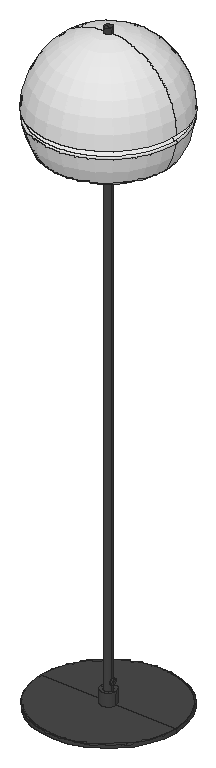
Revit family "Indoor_Floor Lamp_Santa&Cole_Fontana", category Luminarias, Revit 2018
Family settings
  Cota de conector redondo = Diámetro de uso
  Tipo de pieza = Normal
  Número OmniClass = 23.80.70.00
  Título OmniClass = Lighting
  Se basa en plano de trabajo = No
  Siempre vertical = Sí
  Corte con vacíos al cargar = No
  Origen de luz = Sí
  Compartido = No
  Punto de cálculo de habitación = No
Parameters
  Tilt Angle = 90.00°
  Wattage = 11.7879 W
  Technical Information = "https://www.santacole.com/recursos/productos/downloads/pdf_espec_tecnicas/SC_Fontana_pie_ficha_tecnica.pdf"
  built-in parameter 1150110 = 1 (stored number, unit not read)
  URL = "https://www.santacole.com/es/lamparas-de-pie/?fontana_pie"
  Manufacturer website = "http://www.santacole.com"
  Lamp Material = none
  built-in parameter 1114217 = 1 (stored number, unit not read)
  built-in parameter 1150109 = 1 (stored number, unit not read)
  Energy Label = ""
  Designed by = "André Ricard, 2021"
  Contact phone = "+34.938.619.100"
  Contact e-mail = "info@santacole.com"
  built-in parameter 1150134 = (empty or 0)
  built-in parameter 1150113 = 1 (stored number, unit not read)
  Modelo = "Fontana Pie"
  Fabricante = "Santa & Cole"
  Lumens = 1751 lm
  built-in parameter 1150115 = 1 (stored number, unit not read)
  built-in parameter 1150105 = 139.34 (stored number, unit not read)
  Load = 40 W
  built-in parameter 1150137 = (empty or 0)
  built-in parameter 1150139 = (empty or 0)
  built-in parameter 1150112 = 1 (stored number, unit not read)
  built-in parameter 1150114 = 1 (stored number, unit not read)
  Lamp = ""
  built-in parameter 1150132 = 2
  built-in parameter 1150102 = (empty or 0)
  built-in parameter 1150138 = (empty or 0)
  built-in parameter 1150107 = 2700 (stored number, unit not read)
  built-in parameter 1150106 = 1.3934 (stored number, unit not read)
  built-in parameter 1150104 = 13.8 (stored number, unit not read)
  Code = "FOTSA01"
  Dimming Lamp Color Temperature Shift = (empty or 0)
  Color Filter = 16777215
  built-in parameter 1114218 = 1 (stored number, unit not read)
  Assembly instructions - UL = ""
  Assembly instructions - CE = "https://www.santacole.com/recursos/productos/downloads/pdf_montaje/im_Fontana_PIE_CE.pdf"
  Archivo de red fotométrica = "FOTSA01 (CL004A21F006G).IES"
  built-in parameter 1150133 = 10 (stored number, unit not read)
  Apparent Load = 40 VA
Reference planes
  plane 1 "Light Source Axis (F/B)": y = 0
  plane 2: z = 0
  plane 3 "Light Source Axis (L/R)": x = 0
  plane 4 "Light Source Elevation": z = 1484.008
Forms (mm)
  Revolve 1, solid, material "Santa & Cole - Black Matte Finish"
    sketch origin (0, 0, 0.5) x (1, 0, 0) y (0, 0, 1)
      loop
        line (0, 1410.5) -> (-10, 1410.5) -> (-10, 10.5) -> (0, 10.5) -> (0, 1410.5)
      axis (0, 1410.5) -> (0, 10.5)
    angle from 0 to 360
  Revolve 2, solid, material "Santa & Cole - Black Matte Finish"
    sketch origin (0, 0, 0.5) x (1, 0, 0) y (0, 0, 1)
      loop
        line (-20, 38.5) -> (-20, 8.5) -> (0, 8.5) -> (0, 10.5) -> (-10.25, 10.5) -> (-10.25, 38.5) -> (-20, 38.5)
      axis (0, 38.5) -> (0, 8.5)
    angle from 0 to 360
  Revolve 3, solid, material "Santa & Cole - Black Matte Finish"
    sketch origin (0, 0, 0) x (1, 0, 0) y (0, 0, 1)
      loop
        line (-175.5, 7.9) -> (-175.5, 0) -> (0, 0) -> (0, 9) -> (-174.4, 9)
        arc (-174.4, 9) -> (-175.178, 8.678) -> (-175.5, 7.9) r 1.1
      axis (0, 9) -> (0, 0)
    angle from 0 to 360
  Revolve 4, solid, material "Santa & Cole - Black Matte Finish"
    sketch origin (0, 0, 0) x (1, 0, 0) y (0, 0, 1)
      loop
        line (13, 67.264) -> (3.6, 67.264) -> (3.6, 62.965) -> (14, 62.965) -> (14, 66.264)
        arc (14, 66.264) -> (13.707, 66.971) -> (13, 67.264) r 1
      axis (3.6, 60.016) -> (14, 60.016)
    angle from 0 to 360
  Revolve 5, solid, material "Santa & Cole - Black Matte Finish"
    sketch origin (0, 0, 0) x (1, 0, 0) y (0, 0, 1)
      loop
        line (0, 1556.818) -> (0, 1567.718) -> (-10, 1567.718) -> (-9.897, 1556.542)
        arc (-9.897, 1556.542) -> (-4.951, 1556.749) -> (0, 1556.818) r 177.5
      axis (0, 1567.718) -> (0, 1556.542)
    angle from 0 to 360
  Revolve 6, solid, material "Santa&Cole - White Brilliant Finish"
    sketch origin (0, 0, 0) x (1, 0, 0) y (0, 0, 1)
      loop
        arc (0, 1556.818) -> (-125.482, 1504.858) -> (-177.5, 1379.4) r 177.5
        line (-177.5, 1379.4) -> (-175.5, 1379.4)
        arc (-175.5, 1379.4) -> (-124.068, 1503.444) -> (0, 1554.818) r 175.5
        line (0, 1554.818) -> (0, 1556.818)
      loop
        line (-151, 1401) -> (-152.5, 1401) -> (-152.5, 1393.367)
        arc (-152.5, 1393.367) -> (-158.015, 1376.032) -> (-172.533, 1365.071) r 30
        arc (-172.533, 1365.071) -> (-175.141, 1362.957) -> (-175.825, 1359.67) r 5
        arc (-175.825, 1359.67) -> (-167.149, 1324.271) -> (-151.426, 1291.391) r 177.5
        arc (-151.426, 1291.391) -> (-149.606, 1289.639) -> (-147.161, 1289) r 5
        line (-147.161, 1289) -> (-140, 1289) -> (-140, 1290.5) -> (-147.161, 1290.5)
        arc (-147.161, 1290.5) -> (-148.872, 1290.947) -> (-150.146, 1292.174) r 3.5
        arc (-150.146, 1292.174) -> (-165.736, 1324.776) -> (-174.339, 1359.875) r 176
        arc (-174.339, 1359.875) -> (-173.861, 1362.176) -> (-172.035, 1363.656) r 3.5
        arc (-172.035, 1363.656) -> (-156.791, 1375.165) -> (-151, 1393.367) r 31.5
        line (-151, 1393.367) -> (-151, 1401)
      axis (0, 1556.818) -> (0, 1289)
    angle from 0 to 360
Cuts and joins
  joined: Revolve 1, Revolve 4
Lines and regions (mm)
  model lines, style "Predeterminado", not visible
    curve 1: line (0, -3.75, 375) -> (0, 3.75, 375)
    curve 2: line (0, 3.75, 375) -> (0, -3.75, 375)
    curve 3: line (0, 15, 86.75) -> (0, -15, 86.75)
    curve 4: line (0, -10, 65) -> (0, -15, 82.176)
    curve 5: line (0, -10, 25) -> (0, -10, 65)
    curve 6: line (0, 6.344, 17.27) -> (0, 10, 25)
    curve 7: line (0, -1.951, 15.192) -> (0, 6.344, 17.27)
    curve 8: line (0, -10, 25) -> (0, -1.951, 15.192)
    curve 9: line (0, 10, 25) -> (0, 10, 65)
    curve 10: line (0, 15, 82.176) -> (0, 10, 65)
    curve 11: line (0, 15, 86.75) -> (0, -15, 86.75)
Dimensions and locks
  aligned and locked: plane 4 "Light Source Elevation" to imposter light
  aligned and locked: level to plane 2
